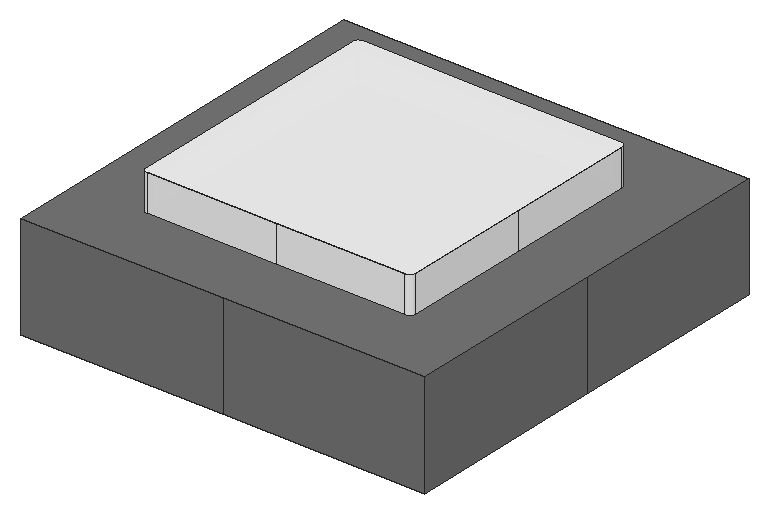
Revit family "33232_HOST_FACE", category Lighting Fixtures, host Face, Revit 2012
Parameters (values of type "Ceiling and Wall Luminaires")
  Wattage = 2.49088 W
  built-in parameter 1150110 = 1 (stored number, unit not read)
  URL = "www.bega-us.com"
  built-in parameter 1114217 = 1 (stored number, unit not read)
  Tilt Angle = 90.00°
  built-in parameter 1150109 = 1 (stored number, unit not read)
  built-in parameter 1150134 = (empty or 0)
  Telephone = "805.684.0533"
  built-in parameter 1150113 = 1 (stored number, unit not read)
  Photometric Web File = "33232.IES"
  Model = "33232"
  Manufacturer = "BEGA-US"
  built-in parameter 1150105 = 29.444 (stored number, unit not read)
  Lumens = 370 lm
  built-in parameter 1150115 = 1 (stored number, unit not read)
  built-in parameter 1150137 = (empty or 0)
  built-in parameter 1150139 = (empty or 0)
  built-in parameter 1150112 = 1 (stored number, unit not read)
  built-in parameter 1150114 = 1 (stored number, unit not read)
  Lamp = "10W LED module"
  built-in parameter 1150132 = 2
  built-in parameter 1150102 = (empty or 0)
  built-in parameter 1150107 = 3000 (stored number, unit not read)
  built-in parameter 1150138 = (empty or 0)
  built-in parameter 1150106 = 0.29444 (stored number, unit not read)
  built-in parameter 1150104 = 13.8 (stored number, unit not read)
  Dimming Lamp Color Temperature Shift = <None>
  Description = "Ceiling and wall luminaires - LED"
  Default Elevation = 0' - 0"
  Color Filter = 16777215
  built-in parameter 1114218 = 1 (stored number, unit not read)
  built-in parameter 1150133 = 10 (stored number, unit not read)
Reference planes (in)
  plane 1 "Center (Front/Back)": y = 0
  plane 2: z = 0
  plane 3 "Center (Left/Right)": x = 0
Forms (in)
  Extrusion 1, solid, material "Matte Aluminum"
    sketch origin (0, 0, 0) x (1, 0, 0) y (0, 1, 0)
      loop
        line (0, 3.375) -> (-3.375, 3.375) -> (-3.375, 0) -> (-3.375, -3.375) -> (0, -3.375) -> (3.375, -3.375) -> (3.375, 0) -> (3.375, 3.375) -> (0, 3.375)
    from 0.375 to 0
  Extrusion 2, solid, material "Matte Aluminum"
    sketch origin (0, 0, 0) x (1, 0, 0) y (0, 1, 0)
      loop
        line (0, 4.125) -> (-4.125, 4.125) -> (-4.125, 0) -> (-4.125, -4.125) -> (0, -4.125) -> (4.125, -4.125) -> (4.125, 0) -> (4.125, 4.125) -> (0, 4.125)
    from 0.375 to 2.5
  Extrusion 3, solid, material "Glass"
    sketch origin (0, 0, 0) x (1, 0, 0) y (0, 1, 0)
      loop
        line (0, 2.75) -> (-2.625, 2.75)
        arc (-2.625, 2.75) -> (-2.71339, 2.71339) -> (-2.75, 2.625) r 0.125
        line (-2.75, 2.625) -> (-2.75, 0) -> (-2.75, -2.625)
        arc (-2.75, -2.625) -> (-2.71339, -2.71339) -> (-2.625, -2.75) r 0.125
        line (-2.625, -2.75) -> (0, -2.75) -> (2.625, -2.75)
        arc (2.625, -2.75) -> (2.71339, -2.71339) -> (2.75, -2.625) r 0.125
        line (2.75, -2.625) -> (2.75, 0) -> (2.75, 2.625)
        arc (2.75, 2.625) -> (2.71339, 2.71339) -> (2.625, 2.75) r 0.125
        line (2.625, 2.75) -> (0, 2.75)
    from 2.5 to 3.25
  Extrusion 4, void
    sketch origin (0, 0, 0) x (1, 0, 0) y (0, 0, 1)
      loop
        line (-2.625, 2.5) -> (-2.625, 2.375) -> (2.625, 2.375) -> (2.625, 2.5) -> (2.625, 3.125) -> (-2.625, 3.125) -> (-2.625, 2.5)
    from -2.625 to 2.625
  Extrusion 5, void
    sketch origin (0, 0, 0) x (1, 0, 0) y (0, 0, 1)
      loop
        line (0, 2.375) -> (-4, 2.375) -> (-4, 0.5) -> (4, 0.5) -> (4, 2.375) -> (0, 2.375)
    from -4 to 4
  Extrusion 6, void
    sketch origin (0, 0, 0) x (1, 0, 0) y (0, 0, 1)
      loop
        line (-3.25, 0.375) -> (-3.25, 0.125) -> (0, 0.125) -> (3.25, 0.125) -> (3.25, 0.375) -> (0, 0.375) -> (-3.25, 0.375)
    from -3.25 to 3.25
Cuts and joins
  Extrusion 4, Extrusion 5, Extrusion 6 cuts Extrusion 2
  Extrusion 4 cuts Extrusion 3
  Extrusion 6 cuts Extrusion 1
Dimensions and locks (in)
  aligned and locked: plane 2 to host face
  aligned and locked: level to host face
Connectors (in)
  electrical at (0, 0, 0)
    settings: on host face, index 1, voltage 0 V, apparent load 0 VA, apparent load phase1 0 VA, apparent load phase2 0 VA, apparent load phase3 0 VA, power factor 1, load classification "Other", number of poles 1, system type 31, power factor state 1, is connector primary yes, connector utility no, sub classification motor no, connector description ""
